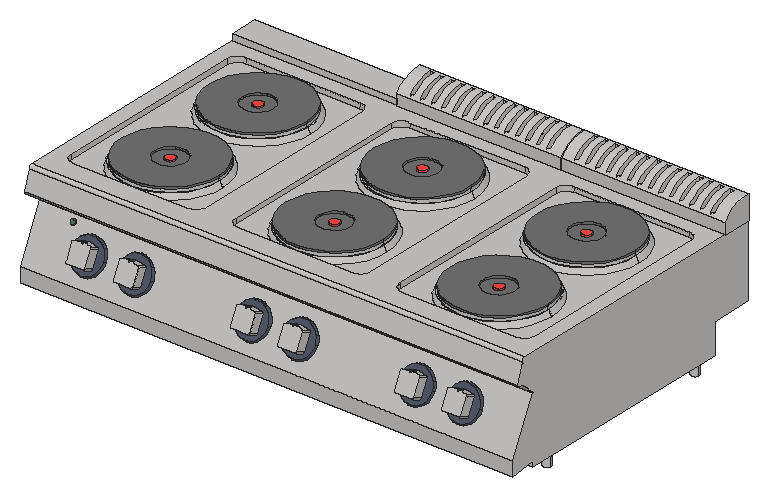
Revit family "QF_ZANUSSI_372019_Z7ECEL6R00", category Specialty Equipment, Revit 2018 (continued)
Automatic sketch dimensions
  curve 149 to curve 152 = 19.134 mm
  curve 152 to curve 161 = 1.738 mm
  curve 153 to curve 155 = 2.0 mm
  curve 150 to curve 159 = 22.215 mm
  curve 154 to curve 162 = 19.003 mm
  curve 158 to curve 158 = 0.343 mm
  curve 158 to curve 160 = 1.071 mm
  curve 158 to curve 157 = 2.189 mm
  curve 157 to curve 156 = 0.809 mm
  plane 5 "FRONT" to curve 172 = 9.347 mm
  curve 156 to curve 172 = 69.0 mm
  curve 173 to curve 173 = 0.809 mm
  curve 176 to curve 176 = 1.583 mm
  curve 173 to curve 174 = 1.846 mm
  curve 173 to curve 178 = 2.189 mm
  curve 172 to curve 175 = 11.892 mm
  plane 14 to curve 170 = 5.671 mm
  curve 176 to curve 170 = 20.417 mm
  curve 178 to curve 177 = 19.134 mm
  curve 177 to curve 168 = 1.738 mm
  curve 170 to curve 169 = 2.0 mm
  curve 175 to curve 166 = 22.215 mm
  curve 169 to curve 178 = 19.003 mm
  curve 165 to curve 165 = 0.343 mm
  curve 165 to curve 167 = 1.071 mm
  curve 178 to curve 164 = 2.189 mm
  curve 164 to curve 163 = 0.809 mm
  curve 166 to curve 10 = 70.892 mm
  curve 14 to plane 12 = 42.753 mm
  curve 14 to plane 7 "Center Y" = 260.475 mm
  curve 9 to curve 8 = 25.4 mm
  curve 8 to curve 17 = 64.778 mm
  curve 134 to plane 12 = 17.353 mm
  curve 17 to curve 134 = 5.297 mm
  curve 17 to curve 18 = 9.296 mm
  plane 1 "BACK" to curve 21 = 6.761 mm
  curve 16 to curve 21 = 16.193 mm
  curve 135 to curve 135 = 25.4 mm
  curve 133 to curve 132 = 25.4 mm
  curve 20 to curve 23 = 9.296 mm
  curve 22 to curve 27 = 16.193 mm
  curve 26 to curve 26 = 9.296 mm
  curve 28 to curve 31 = 16.193 mm
  curve 30 to curve 30 = 9.296 mm
  plane 5 "FRONT" to curve 182 = 9.347 mm
  curve 182 to plane 7 "Center Y" = 80.575 mm
  curve 182 to curve 183 = 0.809 mm
  curve 186 to curve 186 = 1.583 mm
  curve 183 to curve 184 = 1.846 mm
  curve 183 to curve 197 = 2.189 mm
  curve 182 to curve 185 = 11.892 mm
  curve 32 to curve 36 = 16.193 mm
  curve 34 to curve 37 = 9.296 mm
  plane 14 to curve 189 = 5.671 mm
  curve 186 to curve 189 = 20.417 mm
  curve 187 to plane 7 "Center Y" = 58.444 mm
  curve 187 to curve 196 = 1.738 mm
  curve 188 to curve 189 = 2.0 mm
  curve 185 to curve 194 = 22.215 mm
  curve 36 to curve 39 = 16.193 mm
  curve 189 to curve 197 = 19.003 mm
  curve 193 to curve 193 = 0.343 mm
  curve 193 to curve 195 = 1.071 mm
  curve 193 to curve 192 = 2.189 mm
  curve 192 to curve 191 = 0.809 mm
  curve 38 to curve 38 = 9.296 mm
  curve 40 to curve 44 = 16.193 mm
  curve 45 to plane 7 "Center Y" = 8.071 mm
  plane 7 "Center Y" to curve 47 = 8.121 mm
  curve 46 to curve 46 = 9.296 mm
  plane 1 "BACK" to curve 51 = 6.761 mm
  curve 46 to curve 51 = 16.193 mm
  plane 5 "FRONT" to curve 207 = 9.347 mm
  plane 7 "Center Y" to curve 207 = 34.425 mm
  curve 207 to curve 208 = 0.809 mm
  curve 211 to curve 211 = 1.583 mm
  curve 208 to curve 209 = 1.846 mm
  curve 208 to curve 213 = 2.189 mm
  curve 51 to curve 52 = 9.296 mm
  curve 207 to curve 210 = 11.892 mm
  plane 14 to curve 205 = 5.671 mm
  curve 211 to curve 205 = 20.417 mm
  plane 7 "Center Y" to curve 212 = 56.556 mm
  curve 212 to curve 203 = 1.738 mm
  curve 205 to curve 204 = 2.0 mm
  plane 1 "BACK" to curve 55 = 6.761 mm
  curve 50 to curve 55 = 16.193 mm
  curve 54 to curve 54 = 9.296 mm
  curve 210 to curve 201 = 22.215 mm
  curve 204 to curve 213 = 19.003 mm
  curve 200 to curve 200 = 0.343 mm
  curve 200 to curve 202 = 1.071 mm
  curve 200 to curve 199 = 2.189 mm
  curve 199 to curve 198 = 0.809 mm
  plane 1 "BACK" to curve 59 = 6.761 mm
  curve 54 to curve 59 = 16.193 mm
  curve 58 to curve 58 = 9.296 mm
  curve 60 to curve 63 = 16.193 mm
  curve 63 to curve 64 = 9.296 mm
  curve 64 to curve 67 = 16.193 mm
  curve 137 to plane 12 = 17.353 mm
  curve 67 to curve 137 = 4.037 mm
  curve 131 to curve 131 = 25.4 mm
  curve 66 to curve 69 = 9.296 mm
  curve 68 to curve 71 = 16.193 mm
  curve 70 to curve 73 = 9.296 mm
  curve 72 to curve 75 = 59.406 mm
  plane 11 to curve 142 = 21.6 mm
  curve 130 to curve 142 = 70.075 mm
  curve 74 to curve 74 = 9.296 mm
  plane 1 "BACK" to curve 78 = 6.761 mm
  curve 74 to curve 78 = 16.193 mm
  curve 141 to curve 141 = 25.4 mm
  curve 143 to curve 144 = 25.4 mm
  curve 79 to curve 80 = 9.296 mm
  curve 80 to curve 84 = 16.193 mm
  curve 82 to curve 82 = 9.296 mm
  plane 1 "BACK" to curve 87 = 6.761 mm
  curve 82 to curve 87 = 16.193 mm
  curve 86 to curve 86 = 9.296 mm
  plane 5 "FRONT" to curve 216 = 9.347 mm
  curve 140 to curve 216 = 58.95 mm
  curve 216 to curve 217 = 0.809 mm
  curve 220 to curve 220 = 1.583 mm
  curve 217 to curve 218 = 1.846 mm
  curve 217 to curve 231 = 2.189 mm
  curve 216 to curve 219 = 11.892 mm
  plane 1 "BACK" to curve 90 = 6.761 mm
  curve 86 to curve 90 = 16.193 mm
  curve 91 to curve 92 = 9.296 mm
  plane 14 to curve 222 = 5.671 mm
  curve 220 to curve 222 = 20.417 mm
  curve 218 to curve 221 = 19.134 mm
  curve 221 to curve 230 = 1.738 mm
  curve 222 to curve 223 = 2.0 mm
  curve 219 to curve 228 = 22.215 mm
  curve 92 to curve 95 = 16.193 mm
  curve 223 to curve 231 = 19.003 mm
  curve 227 to curve 227 = 0.343 mm
  curve 227 to curve 229 = 1.071 mm
  curve 227 to curve 226 = 2.189 mm
  curve 226 to curve 225 = 0.809 mm
  curve 94 to curve 97 = 9.296 mm
  curve 96 to curve 99 = 16.193 mm
  curve 99 to curve 100 = 9.296 mm
  curve 100 to curve 104 = 16.193 mm
  curve 103 to curve 104 = 9.296 mm
  curve 104 to curve 107 = 16.193 mm
  plane 5 "FRONT" to curve 241 = 9.347 mm
  curve 225 to curve 241 = 69.0 mm
  curve 241 to curve 242 = 0.809 mm
  curve 245 to curve 245 = 1.583 mm
  curve 242 to curve 243 = 1.846 mm
  curve 242 to curve 247 = 2.189 mm
  curve 107 to curve 109 = 9.296 mm
  curve 241 to curve 244 = 11.892 mm
  plane 14 to curve 240 = 5.671 mm
  curve 245 to curve 240 = 20.417 mm
  curve 243 to curve 246 = 19.134 mm
  curve 246 to curve 237 = 1.738 mm
  curve 239 to curve 239 = 2.0 mm
  plane 1 "BACK" to curve 111 = 6.761 mm
  curve 106 to curve 111 = 16.193 mm
  curve 111 to curve 113 = 9.296 mm
  curve 244 to curve 235 = 22.215 mm
  curve 238 to curve 247 = 19.003 mm
  curve 234 to curve 234 = 0.343 mm
  curve 234 to curve 236 = 1.071 mm
  curve 234 to curve 233 = 2.189 mm
  curve 233 to curve 232 = 0.809 mm
  curve 112 to curve 116 = 16.193 mm
  curve 114 to curve 114 = 9.296 mm
  curve 116 to curve 119 = 16.193 mm
  curve 119 to curve 121 = 9.296 mm
  plane 1 "BACK" to curve 122 = 6.761 mm
  curve 118 to curve 122 = 16.193 mm
  curve 140 to plane 4 "RIGHT" = 60.425 mm
  curve 145 to plane 12 = 17.353 mm
  curve 145 to plane 4 "RIGHT" = 60.425 mm
  curve 123 to curve 124 = 9.296 mm
  plane 1 "BACK" to curve 126 = 6.761 mm
  curve 122 to curve 126 = 16.193 mm
  plane 11 to curve 138 = 21.6 mm
  curve 127 to curve 129 = 9.296 mm
  plane 5 "FRONT" to curve 163 = 9.347 mm
  curve 178 to curve 164 = 1.333 mm
  plane 5 "FRONT" to curve 231 = 10.68 mm
  plane 5 "FRONT" to curve 197 = 10.68 mm
  plane 5 "FRONT" to curve 162 = 10.68 mm
  plane 5 "FRONT" to curve 213 = 10.68 mm
  plane 5 "FRONT" to curve 247 = 10.68 mm
  curve 221 to curve 218 = 86.839 mm
  curve 187 to curve 184 = 86.839 mm
  curve 187 to curve 196 = 0.0 mm
  curve 168 to curve 178 = 86.839 mm
  curve 152 to curve 149 = 86.839 mm
  curve 246 to curve 243 = 86.839 mm
  curve 152 to curve 161 = 0.0 mm
  curve 221 to curve 230 = 0.0 mm
  curve 212 to curve 209 = 86.839 mm
  curve 177 to curve 168 = 0.0 mm
  curve 246 to curve 237 = 0.0 mm
  curve 212 to curve 203 = 0.0 mm
  curve 227 to curve 226 = 1.333 mm
  curve 234 to curve 232 = 1.333 mm
  curve 200 to curve 199 = 1.333 mm
  curve 193 to curve 191 = 1.333 mm
  curve 158 to curve 156 = 1.333 mm
  curve 217 to curve 218 = 2.779 mm
  curve 164 to curve 165 = 2.779 mm
  curve 208 to curve 209 = 2.779 mm
  curve 148 to curve 149 = 2.779 mm
  curve 157 to curve 158 = 2.779 mm
  curve 199 to curve 200 = 2.779 mm
  curve 242 to curve 243 = 2.779 mm
  curve 192 to curve 193 = 2.779 mm
  curve 233 to curve 234 = 2.779 mm
  curve 226 to curve 227 = 2.779 mm
  curve 173 to curve 174 = 2.779 mm
  curve 183 to curve 184 = 2.779 mm
  plane 14 to curve 160 = 7.106 mm
  plane 14 to curve 167 = 7.106 mm
  plane 14 to curve 245 = 7.106 mm
  plane 14 to curve 186 = 7.106 mm
  plane 14 to curve 151 = 7.106 mm
  plane 14 to curve 195 = 7.106 mm
  plane 14 to curve 229 = 7.106 mm
  plane 14 to curve 220 = 7.106 mm
  plane 14 to curve 176 = 7.106 mm
  plane 14 to curve 211 = 7.106 mm
  plane 14 to curve 202 = 7.106 mm
  plane 14 to curve 236 = 7.106 mm
  curve 219 to plane 14 = 36.239 mm
  curve 244 to plane 14 = 36.239 mm
  curve 194 to plane 14 = 36.239 mm
  curve 166 to plane 14 = 36.239 mm
  curve 244 to curve 235 = 0.0 mm
  curve 185 to curve 194 = 0.0 mm
  curve 150 to plane 14 = 36.239 mm
  curve 219 to curve 228 = 0.0 mm
  curve 210 to plane 14 = 36.239 mm
  curve 175 to curve 166 = 0.0 mm
  curve 210 to curve 201 = 0.0 mm
  curve 150 to curve 159 = 0.0 mm
  plane 11 to curve 132 = 47.0 mm
  plane 11 to curve 10 = 47.0 mm
  curve 145 to curve 125 = 40.974 mm
  curve 124 to curve 127 = 0.0 mm
  curve 121 to curve 123 = 0.0 mm
  curve 136 to curve 17 = 40.974 mm
  curve 117 to curve 119 = 0.0 mm
  curve 18 to curve 21 = 0.0 mm
  curve 113 to curve 115 = 0.0 mm
  curve 22 to curve 27 = 0.0 mm
  curve 109 to curve 111 = 0.0 mm
  curve 28 to curve 31 = 0.0 mm
  curve 105 to curve 107 = 0.0 mm
  curve 32 to curve 35 = 0.0 mm
  curve 101 to curve 103 = 0.0 mm
  curve 36 to curve 39 = 0.0 mm
  curve 97 to curve 99 = 0.0 mm
  curve 40 to curve 43 = 0.0 mm
  curve 93 to curve 95 = 0.0 mm
  curve 44 to curve 47 = 0.0 mm
  curve 89 to curve 91 = 0.0 mm
  curve 48 to curve 51 = 0.0 mm
  curve 85 to curve 87 = 0.0 mm
  curve 52 to curve 55 = 0.0 mm
  curve 81 to curve 83 = 0.0 mm
  curve 56 to curve 59 = 0.0 mm
  curve 77 to curve 79 = 0.0 mm
  curve 60 to curve 63 = 0.0 mm
  curve 64 to curve 73 = 0.0 mm
  curve 69 to curve 71 = 0.0 mm
  plane 1 "BACK" to curve 67 = 6.761 mm
  plane 1 "BACK" to curve 70 = 6.761 mm
  plane 1 "BACK" to curve 65 = 6.761 mm
  plane 1 "BACK" to curve 74 = 6.761 mm
  plane 1 "BACK" to curve 82 = 6.761 mm
  plane 1 "BACK" to curve 49 = 6.761 mm
  plane 1 "BACK" to curve 45 = 6.761 mm
  plane 1 "BACK" to curve 94 = 6.761 mm
  plane 1 "BACK" to curve 41 = 6.761 mm
  plane 1 "BACK" to curve 98 = 6.761 mm
  plane 1 "BACK" to curve 37 = 6.761 mm
  plane 1 "BACK" to curve 102 = 6.761 mm
  plane 1 "BACK" to curve 33 = 6.761 mm
  plane 1 "BACK" to curve 106 = 6.761 mm
  plane 1 "BACK" to curve 29 = 6.761 mm
  plane 1 "BACK" to curve 114 = 6.761 mm
  plane 1 "BACK" to curve 19 = 6.761 mm
  plane 1 "BACK" to curve 118 = 6.761 mm
  curve 150 to curve 147 = 9.809 mm
  curve 152 to curve 151 = 0.284 mm
  curve 160 to curve 160 = 0.284 mm
  curve 156 to curve 159 = 9.809 mm
  curve 175 to curve 172 = 9.809 mm
  curve 176 to curve 176 = 0.284 mm
  curve 167 to curve 167 = 0.284 mm
  curve 163 to curve 166 = 9.809 mm
  curve 24 to curve 17 = 29.703 mm
  curve 185 to curve 182 = 9.809 mm
  curve 187 to curve 186 = 0.284 mm
  curve 195 to curve 196 = 0.284 mm
  curve 191 to curve 194 = 9.809 mm
  curve 210 to curve 207 = 9.809 mm
  curve 212 to curve 211 = 0.284 mm
  curve 202 to curve 203 = 0.284 mm
  curve 198 to curve 201 = 9.809 mm
  curve 72 to curve 25 = 29.703 mm
  curve 219 to curve 216 = 9.809 mm
  curve 215 to curve 218 = 1.654 mm
  curve 221 to curve 220 = 0.284 mm
  curve 229 to curve 230 = 0.284 mm
  curve 225 to curve 228 = 9.809 mm
  curve 244 to curve 241 = 9.809 mm
  curve 245 to curve 245 = 0.284 mm
  curve 236 to curve 237 = 0.284 mm
  curve 232 to curve 235 = 9.809 mm
  curve 146 to plane 4 "RIGHT" = 0.15 mm
  curve 249 to plane 4 "RIGHT" = 0.15 mm
  curve 176 to curve 176 = 0.567 mm
  curve 151 to curve 151 = 0.567 mm
  curve 195 to curve 195 = 0.567 mm
  curve 236 to curve 236 = 0.567 mm
  curve 186 to curve 186 = 0.567 mm
  curve 202 to curve 202 = 0.567 mm
  curve 220 to curve 220 = 0.567 mm
  curve 211 to curve 211 = 0.567 mm
  curve 167 to curve 167 = 0.567 mm
  curve 245 to curve 245 = 0.567 mm
  curve 160 to curve 160 = 0.567 mm
  curve 229 to curve 229 = 0.567 mm
  curve 25 to curve 72 = 5.939 mm
  curve 24 to curve 17 = 5.939 mm
  Extrusion 1 sketch curve to plane 5 "FRONT" = 0.0 mm
  Extrusion 1 sketch curve to plane 10 "TOP A" = 0.0 mm
  Extrusion 1 sketch curve to plane 9 "BASE" = 0.0 mm
  Extrusion 1 sketch curve to plane 1 "BACK" = 0.0 mm
  Extrusion 1 sketch curve to plane 14 = 0.116 mm
  Extrusion 1 sketch curve to plane 14 = 3.0 mm
  Extrusion 1 sketch curve to plane 10 "TOP A" = 7.474 mm
  Extrusion 1 sketch curve to plane 14 = 13.167 mm
  Extrusion 1 sketch curve to Extrusion 1 sketch curve = 10.198 mm
  plane 9 "BASE" to Extrusion 1 sketch curve = 13.428 mm
  Extrusion 1 sketch curve to plane 14 = 41.355 mm
  Extrusion 1 sketch curve to Extrusion 1 sketch curve = 0.445 mm
  Extrusion 1 sketch curve to Extrusion 1 sketch curve = 3.2 mm
  Extrusion 1 sketch curve to Extrusion 1 sketch curve = 31.82 mm
  Extrusion 1 sketch curve to plane 12 = 44.637 mm
  plane 9 "BASE" to Extrusion 1 sketch curve = 5.508 mm
  Extrusion 1 sketch curve to Extrusion 1 sketch curve = 35.0 mm
  Extrusion 1 sketch curve to Extrusion 1 sketch curve = 74.0 mm
  Extrusion 1 sketch curve to Extrusion 1 sketch curve = 81.162 mm
  Extrusion 1 sketch curve to Extrusion 1 sketch curve = 49.342 mm
  Extrusion 1 sketch curve to Extrusion 1 sketch curve = 3.0 mm
  plane 11 to Extrusion 2 sketch curve = 0.0 mm  (x2)
  plane 12 to Extrusion 2 sketch curve = 0.0 mm  (x2)
  plane 3 "LEFT" to Extrusion 2 sketch curve = 11.112 mm  (x2)
  Extrusion 2 sketch curve to plane 4 "RIGHT" = 11.113 mm  (x2)
  plane 5 "FRONT" to Extrusion 4 sketch curve = 0.0 mm  (x2)
  plane 1 "BACK" to Extrusion 4 sketch curve = 0.0 mm
  Extrusion 4 sketch curve to plane 3 "LEFT" = 0.0 mm
  Extrusion 4 sketch curve to plane 4 "RIGHT" = 0.0 mm
  Extrusion 4 sketch curve to plane 3 "LEFT" = 150.019 mm
  plane 4 "RIGHT" to Extrusion 4 sketch curve = 150.019 mm
  Extrusion 4 sketch curve to plane 1 "BACK" = 150.019 mm
  plane 5 "FRONT" to curve 3 = 0.0 mm
  plane 1 "BACK" to curve 6 = 0.0 mm
  curve 6 to plane 4 "RIGHT" = 0.0 mm
  curve 5 to plane 3 "LEFT" = 0.0 mm
  plane 5 "FRONT" to curve 1 = 0.0 mm
  plane 5 "FRONT" to curve 6 = 0.0 mm
  plane 5 "FRONT" to curve 5 = 0.0 mm
  plane 4 "RIGHT" to curve 3 = 150.019 mm
  curve 1 to plane 3 "LEFT" = 150.019 mm
  curve 1 to plane 1 "BACK" = 150.019 mm
  curve 4 to curve 7 = 69.85 mm
  Extrusion 5 sketch curve to plane 10 "TOP A" = 0.0 mm
  Extrusion 5 sketch curve to plane 1 "BACK" = 0.0 mm
  plane 1 "BACK" to Extrusion 5 sketch curve = 4.947 mm
  plane 6 "TOP" to Extrusion 5 sketch curve = 11.113 mm
  plane 1 "BACK" to Extrusion 5 sketch curve = 69.85 mm
  Extrusion 5 sketch curve to plane 10 "TOP A" = 24.807 mm
  plane 1 "BACK" to Extrusion 6 sketch curve = 6.761 mm  (x14)
  plane 7 "Center Y" to Extrusion 6 sketch curve = 17.417 mm
  Extrusion 6 sketch curve to Extrusion 6 sketch curve = 57.15 mm
  Extrusion 6 sketch curve to plane 7 "Center Y" = 8.071 mm
  Extrusion 6 sketch curve to Extrusion 6 sketch curve = 0.0 mm  (x13)
  Extrusion 6 sketch curve to Extrusion 6 sketch curve = 9.296 mm  (x13)
  Extrusion 6 sketch curve to Extrusion 6 sketch curve = 16.193 mm  (x12)
  plane 7 "Center Y" to Extrusion 6 sketch curve = 8.121 mm
  Extrusion 7 sketch curve to plane 10 "TOP A" = 0.0 mm
  Extrusion 7 sketch curve to plane 1 "BACK" = 0.0 mm
  plane 1 "BACK" to Extrusion 7 sketch curve = 4.947 mm
  plane 6 "TOP" to Extrusion 7 sketch curve = 11.113 mm
  plane 1 "BACK" to Extrusion 7 sketch curve = 69.85 mm
  Extrusion 7 sketch curve to plane 10 "TOP A" = 24.807 mm
  plane 11 to Extrusion 8 sketch curve = 6.35 mm  (x6)
  plane 3 "LEFT" to Extrusion 8 sketch curve = 35.025 mm
  plane 11 to Extrusion 8 sketch curve = 31.75 mm  (x3)
  Extrusion 8 sketch curve to Extrusion 8 sketch curve = 25.4 mm  (x4)
  Extrusion 8 sketch curve to plane 7 "Center Y" = 260.475 mm  (x2)
  Extrusion 8 sketch curve to plane 12 = 17.353 mm  (x3)
  Extrusion 8 sketch curve to Extrusion 8 sketch curve = 70.05 mm  (x2)
  plane 7 "Center Y" to Extrusion 8 sketch curve = 139.625 mm  (x2)
  Extrusion 8 sketch curve to plane 4 "RIGHT" = 60.425 mm
  plane 1 "BACK" to Extrusion 9 sketch curve = 6.761 mm  (x14)
  Extrusion 9 sketch curve to Extrusion 9 sketch curve = 57.15 mm
  Extrusion 9 sketch curve to Extrusion 9 sketch curve = 0.0 mm  (x13)
  plane 7 "Center Y" to Extrusion 9 sketch curve = 229.753 mm
  Extrusion 9 sketch curve to Extrusion 9 sketch curve = 9.296 mm  (x14)
  Extrusion 9 sketch curve to Extrusion 9 sketch curve = 16.193 mm  (x13)
  plane 1 "BACK" to Extrusion 10 sketch curve = 0.0 mm
  Extrusion 10 sketch curve to plane 3 "LEFT" = 0.0 mm
  plane 1 "BACK" to Extrusion 10 sketch curve = 69.85 mm
  Extrusion 10 sketch curve to plane 7 "Center Y" = 200.0 mm
  Blend 11 sketch curve to plane 7 "Center Y" = 57.5 mm  (x2)
  Extrusion 12 sketch curve to plane 7 "Center Y" = 80.5 mm
  Extrusion 12 sketch curve to Extrusion 12 sketch curve = 2.997 mm  (x3)
  Extrusion 12 sketch curve to Extrusion 12 sketch curve = 20.003 mm  (x2)
  Extrusion 12 sketch curve to plane 7 "Center Y" = 37.497 mm
  Extrusion 12 sketch curve to Extrusion 12 sketch curve = 5.399 mm
  Extrusion 12 sketch curve to Extrusion 12 sketch curve = 40.037 mm
  Extrusion 12 sketch curve to Extrusion 12 sketch curve = 0.0 mm  (x2)
  plane 15 "panel" to Extrusion 13 sketch curve = 35.0 mm
  plane 14 to Extrusion 13 sketch curve = 5.671 mm
  Extrusion 13 sketch curve to Extrusion 13 sketch curve = 3.0 mm
  Extrusion 13 sketch curve to Extrusion 13 sketch curve = 0.0 mm  (x2)
  Extrusion 13 sketch curve to Extrusion 13 sketch curve = 1.0 mm
  Extrusion 13 sketch curve to Extrusion 13 sketch curve = 15.0 mm
  Extrusion 14 sketch curve to plane 7 "Center Y" = 75.0 mm
  Extrusion 14 sketch curve to Extrusion 14 sketch curve = 35.0 mm  (x2)
  Split face 1 sketch curve to Split face 1 sketch curve = 6.0 mm
  Split face 1 sketch curve to Split face 1 sketch curve = 10.0 mm
  Split face 2 sketch curve to Split face 2 sketch curve = 5.0 mm
  Split face 2 sketch curve to Split face 2 sketch curve = 9.0 mm
  Split face 3 sketch curve to Split face 3 sketch curve = 5.0 mm
  Split face 4 sketch curve to Split face 4 sketch curve = 5.0 mm
  plane 7 "Center Y" to Blend 15 sketch curve = 57.5 mm  (x2)
  plane 7 "Center Y" to Extrusion 16 sketch curve = 34.5 mm
  Extrusion 16 sketch curve to Extrusion 16 sketch curve = 2.997 mm  (x3)
  Extrusion 16 sketch curve to Extrusion 16 sketch curve = 20.003 mm  (x2)
  Extrusion 16 sketch curve to Extrusion 16 sketch curve = 40.005 mm
  Extrusion 16 sketch curve to Extrusion 16 sketch curve = 5.399 mm
  Extrusion 16 sketch curve to Extrusion 16 sketch curve = 40.037 mm
  Extrusion 16 sketch curve to Extrusion 16 sketch curve = 0.0 mm  (x2)
  plane 7 "Center Y" to Extrusion 17 sketch curve = 40.0 mm
  Extrusion 17 sketch curve to Extrusion 17 sketch curve = 35.0 mm  (x2)
  Split face 24 sketch curve to Split face 24 sketch curve = 6.0 mm
  Split face 24 sketch curve to Split face 24 sketch curve = 10.0 mm
  Split face 25 sketch curve to Split face 25 sketch curve = 5.0 mm
  Split face 25 sketch curve to Split face 25 sketch curve = 9.0 mm
  Split face 26 sketch curve to Split face 26 sketch curve = 5.0 mm
  Split face 27 sketch curve to Split face 27 sketch curve = 5.0 mm
  plane 3 "LEFT" to Blend 18 sketch curve = 142.525 mm  (x2)
  plane 3 "LEFT" to Extrusion 19 sketch curve = 119.525 mm
  Extrusion 19 sketch curve to Extrusion 19 sketch curve = 2.997 mm  (x3)
  Extrusion 19 sketch curve to Extrusion 19 sketch curve = 20.003 mm  (x2)
  Extrusion 19 sketch curve to Extrusion 19 sketch curve = 40.005 mm
  Extrusion 19 sketch curve to Extrusion 19 sketch curve = 5.399 mm
  Extrusion 19 sketch curve to Extrusion 19 sketch curve = 40.037 mm
  Extrusion 19 sketch curve to Extrusion 19 sketch curve = 0.0 mm  (x2)
  plane 15 "panel" to Extrusion 20 sketch curve = 35.0 mm
  plane 14 to Extrusion 20 sketch curve = 5.671 mm
  Extrusion 20 sketch curve to Extrusion 20 sketch curve = 3.0 mm
  Extrusion 20 sketch curve to Extrusion 20 sketch curve = 0.0 mm  (x2)
  Extrusion 20 sketch curve to Extrusion 20 sketch curve = 1.0 mm
  Extrusion 20 sketch curve to Extrusion 20 sketch curve = 15.0 mm
  plane 3 "LEFT" to Extrusion 21 sketch curve = 87.524 mm
  plane 3 "LEFT" to Extrusion 22 sketch curve = 125.025 mm
  Extrusion 22 sketch curve to Extrusion 22 sketch curve = 35.0 mm  (x2)
  Split face 29 sketch curve to Split face 29 sketch curve = 6.0 mm
  Split face 29 sketch curve to Split face 29 sketch curve = 10.0 mm
  Split face 30 sketch curve to Split face 30 sketch curve = 5.0 mm
  Split face 30 sketch curve to Split face 30 sketch curve = 9.0 mm
  Split face 31 sketch curve to Split face 31 sketch curve = 5.0 mm
  Split face 32 sketch curve to Split face 32 sketch curve = 5.0 mm
  plane 3 "LEFT" to Blend 23 sketch curve = 257.525 mm  (x2)
  plane 3 "LEFT" to Extrusion 24 sketch curve = 234.525 mm
  Extrusion 24 sketch curve to Extrusion 24 sketch curve = 2.997 mm  (x3)
  Extrusion 24 sketch curve to Extrusion 24 sketch curve = 20.003 mm  (x2)
  Extrusion 24 sketch curve to Extrusion 24 sketch curve = 40.005 mm
  Extrusion 24 sketch curve to Extrusion 24 sketch curve = 5.399 mm
  Extrusion 24 sketch curve to Extrusion 24 sketch curve = 40.037 mm
  Extrusion 24 sketch curve to Extrusion 24 sketch curve = 0.0 mm  (x2)
  plane 3 "LEFT" to Extrusion 25 sketch curve = 240.025 mm
  Extrusion 25 sketch curve to Extrusion 25 sketch curve = 35.0 mm  (x2)
  Split face 52 sketch curve to Split face 52 sketch curve = 6.0 mm
  Split face 52 sketch curve to Split face 52 sketch curve = 10.0 mm
  Split face 53 sketch curve to Split face 53 sketch curve = 5.0 mm
  Split face 53 sketch curve to Split face 53 sketch curve = 9.0 mm
  Split face 54 sketch curve to Split face 54 sketch curve = 5.0 mm
  Split face 55 sketch curve to Split face 55 sketch curve = 5.0 mm
  Blend 26 sketch curve to plane 4 "RIGHT" = 257.525 mm  (x2)
  Extrusion 27 sketch curve to plane 4 "RIGHT" = 280.525 mm
  Extrusion 27 sketch curve to Extrusion 27 sketch curve = 2.997 mm  (x3)
  Extrusion 27 sketch curve to Extrusion 27 sketch curve = 20.003 mm  (x2)
  Extrusion 27 sketch curve to Extrusion 27 sketch curve = 40.005 mm
  Extrusion 27 sketch curve to Extrusion 27 sketch curve = 5.399 mm
  Extrusion 27 sketch curve to Extrusion 27 sketch curve = 40.037 mm
  Extrusion 27 sketch curve to Extrusion 27 sketch curve = 0.0 mm  (x2)
  plane 15 "panel" to Extrusion 28 sketch curve = 35.0 mm
  plane 14 to Extrusion 28 sketch curve = 5.671 mm
  Extrusion 28 sketch curve to Extrusion 28 sketch curve = 3.0 mm
  Extrusion 28 sketch curve to Extrusion 28 sketch curve = 0.0 mm  (x2)
  Extrusion 28 sketch curve to Extrusion 28 sketch curve = 1.0 mm
  Extrusion 28 sketch curve to Extrusion 28 sketch curve = 15.0 mm
  Extrusion 29 sketch curve to plane 4 "RIGHT" = 275.025 mm
  Extrusion 29 sketch curve to Extrusion 29 sketch curve = 35.0 mm  (x2)
  Split face 57 sketch curve to Split face 57 sketch curve = 6.0 mm
  Split face 57 sketch curve to Split face 57 sketch curve = 10.0 mm
  Split face 58 sketch curve to Split face 58 sketch curve = 5.0 mm
  Split face 58 sketch curve to Split face 58 sketch curve = 9.0 mm
  Split face 59 sketch curve to Split face 59 sketch curve = 5.0 mm
  Split face 60 sketch curve to Split face 60 sketch curve = 5.0 mm
  Blend 30 sketch curve to plane 4 "RIGHT" = 142.525 mm  (x2)
  Extrusion 31 sketch curve to plane 4 "RIGHT" = 165.525 mm
  Extrusion 31 sketch curve to Extrusion 31 sketch curve = 2.997 mm  (x3)
  Extrusion 31 sketch curve to Extrusion 31 sketch curve = 20.003 mm  (x2)
  Extrusion 31 sketch curve to Extrusion 31 sketch curve = 40.005 mm
  Extrusion 31 sketch curve to Extrusion 31 sketch curve = 5.399 mm
  Extrusion 31 sketch curve to Extrusion 31 sketch curve = 40.037 mm
  Extrusion 31 sketch curve to Extrusion 31 sketch curve = 0.0 mm  (x2)
  Extrusion 32 sketch curve to plane 4 "RIGHT" = 160.025 mm
  Extrusion 32 sketch curve to Extrusion 32 sketch curve = 35.0 mm  (x2)
  Split face 80 sketch curve to Split face 80 sketch curve = 6.0 mm
  Split face 80 sketch curve to Split face 80 sketch curve = 10.0 mm
  Split face 81 sketch curve to Split face 81 sketch curve = 5.0 mm
  Split face 81 sketch curve to Split face 81 sketch curve = 9.0 mm
  Split face 82 sketch curve to Split face 82 sketch curve = 5.0 mm
  Split face 83 sketch curve to Split face 83 sketch curve = 5.0 mm
  plane 15 "panel" to Extrusion 33 sketch curve = 35.0 mm
  plane 14 to Extrusion 33 sketch curve = 5.671 mm
  Extrusion 33 sketch curve to Extrusion 33 sketch curve = 3.0 mm
  Extrusion 33 sketch curve to Extrusion 33 sketch curve = 0.0 mm  (x2)
  Extrusion 33 sketch curve to Extrusion 33 sketch curve = 1.0 mm
  Extrusion 33 sketch curve to Extrusion 33 sketch curve = 15.0 mm
  plane 15 "panel" to Extrusion 34 sketch curve = 35.0 mm
  plane 14 to Extrusion 34 sketch curve = 5.671 mm
  Extrusion 34 sketch curve to Extrusion 34 sketch curve = 3.0 mm
  Extrusion 34 sketch curve to Extrusion 34 sketch curve = 0.0 mm  (x2)
  Extrusion 34 sketch curve to Extrusion 34 sketch curve = 1.0 mm
  Extrusion 34 sketch curve to Extrusion 34 sketch curve = 15.0 mm
  plane 15 "panel" to Extrusion 35 sketch curve = 35.0 mm
  plane 14 to Extrusion 35 sketch curve = 5.671 mm
  Extrusion 35 sketch curve to Extrusion 35 sketch curve = 3.0 mm
  Extrusion 35 sketch curve to Extrusion 35 sketch curve = 0.0 mm  (x2)
  Extrusion 35 sketch curve to Extrusion 35 sketch curve = 1.0 mm
  Extrusion 35 sketch curve to Extrusion 35 sketch curve = 15.0 mm
  radius of Extrusion 2 sketch curve = 9.525 mm  (x4)
  radius of Extrusion 3 sketch curve = 12.7 mm
  radius of Blend 11 sketch curve = 42.5 mm
  radius of Blend 11 sketch curve = 40.5 mm
  radius of Split face 5 sketch curve = 2.029 mm
  radius of Split face 6 sketch curve = 1.5 mm
  radius of Split face 7 sketch curve = 1.5 mm
  radius of Split face 8 sketch curve = 1.5 mm
  radius of Split face 9 sketch curve = 1.5 mm
  radius of Split face 10 sketch curve = 1.5 mm
  radius of Split face 11 sketch curve = 1.5 mm
  radius of Split face 12 sketch curve = 1.5 mm
  radius of Split face 13 sketch curve = 1.5 mm
  radius of Split face 14 sketch curve = 1.5 mm
  radius of Blend 15 sketch curve = 42.5 mm
  radius of Blend 15 sketch curve = 40.5 mm
  radius of Split face 15 sketch curve = 1.5 mm
  radius of Split face 16 sketch curve = 1.5 mm
  radius of Split face 17 sketch curve = 1.5 mm
  radius of Split face 18 sketch curve = 1.5 mm
  radius of Split face 19 sketch curve = 1.5 mm
  radius of Split face 20 sketch curve = 1.5 mm
  radius of Split face 21 sketch curve = 1.5 mm
  radius of Split face 22 sketch curve = 1.5 mm
  radius of Split face 23 sketch curve = 1.5 mm
  radius of Split face 28 sketch curve = 2.031 mm
  radius of Blend 18 sketch curve = 42.5 mm
  radius of Blend 18 sketch curve = 40.5 mm
  radius of Extrusion 21 sketch curve = 6.0 mm
  radius of Split face 33 sketch curve = 2.029 mm
  radius of Split face 34 sketch curve = 1.5 mm
  radius of Split face 35 sketch curve = 1.5 mm
  radius of Split face 36 sketch curve = 1.5 mm
  radius of Split face 37 sketch curve = 1.5 mm
  radius of Split face 38 sketch curve = 1.5 mm
  radius of Split face 39 sketch curve = 1.5 mm
  radius of Split face 40 sketch curve = 1.5 mm
  radius of Split face 41 sketch curve = 1.5 mm
  radius of Split face 42 sketch curve = 1.5 mm
  radius of Blend 23 sketch curve = 42.5 mm
  radius of Blend 23 sketch curve = 40.5 mm
  radius of Split face 43 sketch curve = 1.5 mm
  radius of Split face 44 sketch curve = 1.5 mm
  radius of Split face 45 sketch curve = 1.5 mm
  radius of Split face 46 sketch curve = 1.5 mm
  radius of Split face 47 sketch curve = 1.5 mm
  radius of Split face 48 sketch curve = 1.5 mm
  radius of Split face 49 sketch curve = 1.5 mm
  radius of Split face 50 sketch curve = 1.5 mm
  radius of Split face 51 sketch curve = 1.5 mm
  radius of Split face 56 sketch curve = 2.031 mm
  radius of Blend 26 sketch curve = 42.5 mm
  radius of Blend 26 sketch curve = 40.5 mm
  radius of Split face 61 sketch curve = 2.029 mm
  radius of Split face 62 sketch curve = 1.5 mm
  radius of Split face 63 sketch curve = 1.5 mm
  radius of Split face 64 sketch curve = 1.5 mm
  radius of Split face 65 sketch curve = 1.5 mm
  radius of Split face 66 sketch curve = 1.5 mm
  radius of Split face 67 sketch curve = 1.5 mm
  radius of Split face 68 sketch curve = 1.5 mm
  radius of Split face 69 sketch curve = 1.5 mm
  radius of Split face 70 sketch curve = 1.5 mm
  radius of Blend 30 sketch curve = 42.5 mm
  radius of Blend 30 sketch curve = 40.5 mm
  radius of Split face 71 sketch curve = 1.5 mm
  radius of Split face 72 sketch curve = 1.5 mm
  radius of Split face 73 sketch curve = 1.5 mm
  radius of Split face 74 sketch curve = 1.5 mm
  radius of Split face 75 sketch curve = 1.5 mm
  radius of Split face 76 sketch curve = 1.5 mm
  radius of Split face 77 sketch curve = 1.5 mm
  radius of Split face 78 sketch curve = 1.5 mm
  radius of Split face 79 sketch curve = 1.5 mm
  radius of Split face 84 sketch curve = 2.031 mm
Nested families
  nested 1: "QF_372019_HOT PLATES" at (72.525, -113.898, 261.938), type "QF_372019_HOT PLATES"
    with Type Mark "", Specification by User "", Revision Code "", Item Number "", Installed By "", Identify Quantity as Lot yes, Furnished By "", Foodservice Equipment Identifier yes
  nested 2: "QF_372019_HOT PLATES" at (72.525, -635.872, 261.938), type "QF_372019_HOT PLATES"
    with Type Mark "", Specification by User "", Revision Code "", Item Number "", Installed By "", Identify Quantity as Lot yes, Furnished By "", Foodservice Equipment Identifier yes
  nested 3: "QF_372019_HOT PLATES" at (727.575, -113.898, 261.938) x (-1, 0, 0) z (0, 0, 1), type "QF_372019_HOT PLATES"
    with Type Mark "", Specification by User "", Revision Code "", Item Number "", Installed By "", Identify Quantity as Lot yes, Furnished By "", Foodservice Equipment Identifier yes
  nested 4: "QF_372019_HOT PLATES" at (727.575, -635.872, 261.938) x (-1, 0, 0) z (0, 0, 1), type "QF_372019_HOT PLATES"
    with Type Mark "", Specification by User "", Revision Code "", Item Number "", Installed By "", Identify Quantity as Lot yes, Furnished By "", Foodservice Equipment Identifier yes
  nested 5: "QF_372019_HOT PLATES" at (1127.675, -113.898, 261.938) x (-1, 0, 0) z (0, 0, 1), type "QF_372019_HOT PLATES"
    with Type Mark "", Specification by User "", Revision Code "", Item Number "", Installed By "", Identify Quantity as Lot yes, Furnished By "", Foodservice Equipment Identifier yes
  nested 6: "QF_372019_HOT PLATES" at (1127.675, -635.872, 261.938) x (-1, 0, 0) z (0, 0, 1), type "QF_372019_HOT PLATES"
    with Type Mark "", Specification by User "", Revision Code "", Item Number "", Installed By "", Identify Quantity as Lot yes, Furnished By "", Foodservice Equipment Identifier yes
Connectors
  electrical at (1147.613, -98.425, 60.513), driven by "Volts", driven by "Watts"
    settings: on Extrusion 3, index 1, voltage 400 V, apparent load 15600 VA, apparent load phase1 0 VA, apparent load phase2 0 VA, apparent load phase3 0 VA, power factor 1, load classification "Other", number of poles 1, system type 30, power factor state 1, is connector primary yes, connector utility no, sub classification motor no, connector description "Electrical Connection"
Definition of nested family "QF_372019_HOT PLATES"
  Parameters
    Width = 255.0 mm  # constant formula
    Weight in Pounds = 0
    URL Cutsheet = ""
    URL = ""
    Type Mark [instance] = ""
    Specification by User [instance] = ""
    Specification by Manufacturer = ""
    Serial Number = ""
    Seismic Rating = ""
    SMACNA No = ""
    Revision Code [instance] = ""
    Omniclass Number and Title = ""
    NAFEM Spec ID Number = ""
    Model = ""
    Masterspec = ""
    Manufacturer = ""
    Item Number [instance] = ""
    Installed By [instance] = ""
    Identify Quantity as Lot [instance] = yes
    Height = 23.0 mm  # constant formula
    Furnished By [instance] = ""
    Foodservice Equipment Identifier [instance] = yes
    Description = ""
    Depth = 255.0 mm  # constant formula
    CSI MasterFormat = ""
    CSI Master Format = ""
    Assembly Code = ""
  Reference planes
    plane 1 "BACK": y = 0
    plane 2: z = 0
    plane 3 "LEFT": x = 0
    plane 4 "RIGHT": x = 255
    plane 5 "FRONT": y = -255
    plane 6 "TOP": z = 23
    plane 7 "Center Y": x = 127.5
    plane 8 "Center X": y = -127.5
  Forms (mm)
    Extrusion 1, solid
      sketch origin (-72.525, 113.875, 19.181) x (1, 0, 0) y (0, 1, 0)
        loop
          circle (200.025, -241.375) r 117.925
        loop
          circle (200.025, -241.375) r 38.208
      from 0 to 3.819
    Extrusion 2, solid
      sketch origin (-72.525, 113.875, 19.181) x (1, 0, 0) y (0, 1, 0)
        loop
          circle (200.025, -241.375) r 11.669
      from 0 to 1.964
    Extrusion 3, solid
      sketch origin (-72.525, 113.875, 12.7) x (1, 0, 0) y (0, 1, 0)
        loop
          circle (200.025, -241.375) r 38.208
      from 0 to 6.481
    Blend 4, solid
      base sketch origin (-72.525, 113.875, 0) x (1, 0, 0) y (0, 1, 0)
        loop
          circle (200.025, -241.375) r 127.548
      top sketch origin (-72.525, 113.875, 0) x (1, 0, 0) y (0, 1, 0)
        loop
          circle (200.025, -241.375) r 120.402
      from 0 to 11.731
    Extrusion 5, solid
      sketch origin (-72.525, 113.875, 11.731) x (1, 0, 0) y (0, 1, 0)
        loop
          circle (200.025, -241.375) r 117.925
        loop
          circle (200.025, -241.375) r 39.808
      from 0 to 7.45
  Lines and regions (mm)
    symbolic lines
      curve 1: circle (127.5, -127.5, 0) r 11.669 normal (0, 0, 1)
      curve 2: circle (127.5, -127.5, 0) r 38.208 normal (0, 0, 1)
      curve 3: circle (127.5, -127.5, 0) r 120.402 normal (0, 0, 1)
      curve 4: circle (127.5, -127.5, 0) r 127.548 normal (0, 0, 1)
  Dimensions and locks
    equal spacing: plane 3 "LEFT", plane 7 "Center Y", plane 4 "RIGHT"
    "Width": plane 3 "LEFT" to plane 4 "RIGHT"
    equal spacing: plane 5 "FRONT", plane 8 "Center X", plane 1 "BACK"
    "Depth": plane 5 "FRONT" to plane 1 "BACK"
    plane 1 "BACK" to plane 5 "FRONT" = 255.0 mm
    "Height": plane 6 "TOP" to level
    aligned and locked: level to plane 2
  Automatic sketch dimensions
    Extrusion 3 sketch curve to plane 7 "Center Y" = 0.0 mm
    Extrusion 3 sketch curve to plane 8 "Center X" = 0.0 mm
    Blend 4 sketch curve to plane 7 "Center Y" = 0.0 mm  (x2)
    Blend 4 sketch curve to plane 8 "Center X" = 0.0 mm  (x2)
    curve 1 to curve 2 = 0.0 mm  (x2)
    curve 1 to curve 3 = 0.0 mm  (x2)
    curve 1 to curve 4 = 0.0 mm  (x2)
    curve 2 to curve 3 = 0.0 mm  (x2)
    curve 2 to curve 4 = 0.0 mm  (x2)
    curve 3 to curve 4 = 0.0 mm  (x2)
    curve 2 to plane 7 "Center Y" = 0.0 mm
    curve 2 to plane 8 "Center X" = 0.0 mm
    radius of Extrusion 1 sketch curve to Extrusion 5 = 0.0 mm
    radius of Extrusion 1 sketch curve to Extrusion 5 = 1.6 mm
    radius of Extrusion 2 sketch curve to Extrusion 3 = 26.539 mm
    radius of Extrusion 3 sketch curve = 38.208 mm
    radius of Blend 4 sketch curve = 127.548 mm
    radius of Blend 4 sketch curve = 120.402 mm
    radius of Extrusion 5 sketch curve to Blend 4 = 2.478 mm
    radius of Extrusion 5 sketch curve to Blend 4 = 80.594 mm
    radius of curve 1 = 11.669 mm
    radius of curve 2 = 38.208 mm
    radius of curve 3 = 120.402 mm
    radius of curve 4 = 127.548 mm
